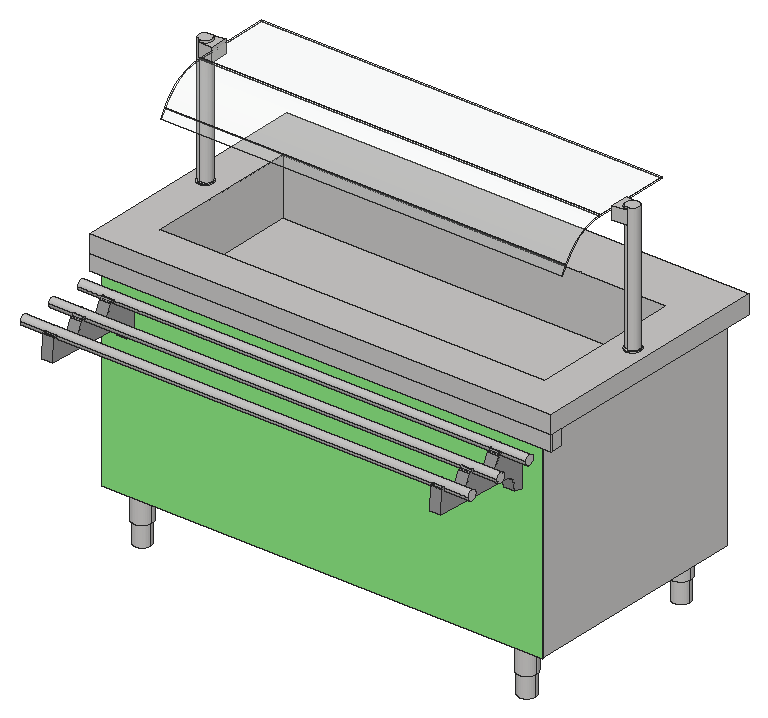
Revit family "QF_BOURGEAT_Self_Bain_marie_eau_4GN", category Equipement spécialisé, Revit 2015
Parameters (values of type "4GN_reserve+presentoir_chauffant")
  URL catalogue = "http://www.bourgeat.fr/fr/"
  URL = ""
  Type de Raccord Plomberie = ""
  Type de Raccord Electrique = ""
  Type article = ""
  Tension = 230 V
  Spécification du Fabricant = "Bain-marie Oasis"
  Roues = no
  Remarques Electricité = ""
  Puissance électrique  = 4340 W
  Profondeur hors tout = 820 mm
  Poids net à vide = 190.00 kg
  Pieds = yes
  lgmeuble = Longueur hors tout - 68 mm  # 1466 mm
  lgconsole = Longueur hors tout - 44 mm  # 1490 mm
  lg_presentoir = lgmeuble - 44 mm  # 1422 mm
  lg_porte = (lg_etagere / 2) + 10 mm  # 541 mm
  lg_etagere = lgmeuble - 404 mm  # 1062 mm
  Reserves = yes
  Presentoir = yes
  Phase = 2
  Nature isolant = "Laine de verre"
  Modèle = "851234+851304"
  Longueur hors tout = 1534 mm
  Intensité nominale = 18.8696 A
  Indice de protection = "21"
  Hauteur hors tout = 1330 mm
  Hauteur de Raccordement Eau Adoucie du Sol Finis = 0 mm
  Fréquence = 50 Hz
  Fabricant = "BOURGEAT"
  Etageres = no
  Diamètre de Raccordement Evacuation = 33.2 mm
  Diamètre de Raccordement Eau Adoucie = 21 mm
  Cuve à eau = yes
  Cuve à air = no
  Contact SAV = "0033 (0)4.76.32.14.44"
  Charge max = 200.00 kg
  Certification = "NF alimentaire"
Types (18, lengths in mm): name | Roues | Puissance électrique  | Poids net à vide | Pieds | Reserves | Presentoir | Modèle | Intensité nominale | Hauteur hors tout | Etageres
  4GN_baie_libre | no | 2800 W | 170.00 kg | yes | no | no | "851034" | 12.1739 A | 900 | no
  4GN_reserve | no | 3700 W | 170.00 kg | yes | yes | no | "851234" | 16.087 A | 900 | no
  4GN_baie_libre+roues | yes | 2800 W | 170.00 kg | no | no | no | "851034+854950" | 12.1739 A | 900 | no
  4GN_baie_libre+etageres | yes | 2800 W | 170.00 kg | no | no | no | "851034+854934" | 12.1739 A | 900 | yes
  4GN_baie_libre+presentoir_neutre | no | 2800 W | 190.00 kg | yes | no | yes | "851034+851314" | 12.1739 A | 1330 | no
  4GN_baie_libre+presentoir_chauffant | no | 3440 W | 190.00 kg | yes | no | yes | "851034+851304" | 14.9565 A | 1330 | no
  4GN_baie_libre+roues+etageres | yes | 2800 W | 170.00 kg | no | no | no | "851034+854950+854934" | 12.1739 A | 900 | yes
  4GN_baie_libre+roues+presentoir_neutre | yes | 2800 W | 190.00 kg | no | no | yes | "851034+854950+851314" | 12.1739 A | 1330 | no
  4GN_baie_libre+roues+presentoir_chauffant | yes | 3440 W | 190.00 kg | no | no | yes | "851034+854950+851304" | 14.9565 A | 1330 | no
  4GN_baie_libre+etageres+presentoir_neutre | no | 2800 W | 170.00 kg | yes | no | yes | "851034+854934+851314" | 12.1739 A | 1330 | yes
  4GN_baie_libre+etageres+presentoir_chauffant | no | 3440 W | 170.00 kg | yes | no | yes | "851034+854934+851304" | 14.9565 A | 1330 | yes
  4GN_baie_libre+roues+presentoir_neutre+etageres | yes | 2800 W | 190.00 kg | no | no | yes | "851034+854950+851314+854934" | 12.1739 A | 1330 | yes
  4GN_baie_libre+roues+presentoir_chauffant+etageres | yes | 3440 W | 190.00 kg | no | no | yes | "851034+854950+851304+854934" | 14.9565 A | 1330 | yes
  4GN_reserve+roues | yes | 3700 W | 170.00 kg | no | yes | no | "851234+854950" | 16.087 A | 900 | no
  4GN_reserve+presentoir_neutre | no | 3700 W | 190.00 kg | yes | yes | yes | "851234+851314" | 16.087 A | 1330 | no
  4GN_reserve+presentoir_chauffant | no | 4340 W | 190.00 kg | yes | yes | yes | "851234+851304" | 18.8696 A | 1330 | no
  4GN_reserve+roues+presentoir_neutre | yes | 3700 W | 190.00 kg | no | yes | yes | "851234+854950+851314" | 16.087 A | 1330 | no
  4GN_reserve+roues+presentoir_chauffant | yes | 4340 W | 190.00 kg | no | yes | yes | "851234+854950+851304" | 18.8696 A | 1330 | no
Reference planes
  plane 1 "Centre (avant/arrière)": y = 0
  plane 2: z = 0
  plane 3 "Centre (gauche/droite)": x = 0
  plane 4: z = 235
  plane 5: z = 465
  plane 6: y = 820
  plane 7: z = 284
  plane 8: z = 640
  plane 9: y = 598
  plane 10: z = 765
  plane 11: x = -124
  plane 12: y = 187
Forms (mm)
  Extrusion 1, solid
    sketch origin (0, 0, 0) x (1, 0, 0) y (0, 1, 0)
      loop
        circle (-1407, 598) r 10
    from 147.743 to 160
  Extrusion 2, solid
    sketch origin (0, 0, 0) x (1, 0, 0) y (0, 1, 0)
      loop
        circle (-1407, 187) r 10
    from 147.743 to 160
  Extrusion 3, solid
    sketch origin (0, 0, 0) x (1, 0, 0) y (0, 1, 0)
      loop
        circle (-1407, 398) r 10
    from 142 to 160
Dimensions and locks
  locked: nested 2 to plane 2 at 905
  locked: plane 4 to plane 2 at 235
  locked: plane 6 to nested 1 at 47
  locked: plane 7 to plane 2 at 284
  nested 1 to plane 2 = 160 mm
  locked: plane 8 to plane 2 at 640
  locked: nested 1 to plane 9 at 175
  locked: nested 11 to plane 10 at 135
  locked: nested 1 to plane 11 at 90
  locked: nested 1 to plane 12 at 179
  locked: plane 11 to plane 3 "Centre (gauche/droite)" at 124
  nested 1 to Extrusion 3 sketch curve = 375 mm
  aligned and locked: level to plane 2
  aligned and locked: plane 4 to nested 8
  aligned and locked: nested 9 to plane 5
  aligned and locked: nested 7 to nested 8
  aligned and locked: nested 9 to nested 1  (x2)
  aligned and locked: nested 7 to nested 1
  aligned and locked: nested 8 to nested 1  (x2)
  aligned and locked: nested 11 to plane 6
  aligned and locked: nested 10 to plane 6
  aligned and locked: nested 10 to nested 1  (x2)
  aligned and locked: nested 11 to nested 10
  aligned and locked: plane 1 "Centre (avant/arrière)" to nested 11  (x2)
  aligned and locked: nested 1 to nested 2
  aligned and locked: nested 2 to nested 11
  aligned and locked: nested 11 to nested 1
  aligned and locked: nested 4 to nested 11
  aligned and locked: nested 12 to nested 1
  aligned and locked: nested 12 to nested 9
  aligned and locked: nested 12 to nested 13
  aligned and locked: plane 2 to nested 4
  aligned and locked: nested 5 to plane 2
  aligned and locked: nested 6 to plane 2
  aligned and locked: nested 11 to nested 5
  aligned and locked: nested 11 to nested 6
  aligned and locked: nested 11 to nested 2
  aligned and locked: nested 1 to nested 14  (x2)
  aligned and locked: nested 14 to nested 1
  aligned and locked: nested 11 to nested 15
  aligned and locked: nested 3 to nested 11
  aligned and locked: nested 16 to nested 14  (x2)
  aligned and locked: nested 1 to nested 16
  aligned and locked: nested 15 to plane 7
  aligned and locked: nested 3 to nested 17  (x2)
  aligned and locked: nested 4 to nested 18  (x2)
  aligned and locked: nested 6 to nested 19  (x2)
  aligned and locked: nested 5 to nested 20  (x2)
  aligned and locked: plane 8 to nested 7
  aligned and locked: Extrusion 1 sketch curve to plane 9
  aligned and locked: Extrusion 1 to nested 1
  aligned and locked: nested 1 to nested 21
  aligned and locked: nested 1 to nested 22
  aligned and locked: plane 10 to nested 21
  aligned and locked: nested 13 to nested 1
  aligned and locked: nested 22 to plane 10
  aligned and locked: nested 22 to plane 11
  aligned and locked: plane 12 to Extrusion 2 sketch curve
  aligned and locked: plane 3 "Centre (gauche/droite)" to nested 11
  aligned and locked: nested 21 to nested 7
  aligned and locked: nested 11 to Extrusion 1 sketch curve
  aligned and locked: nested 11 to Extrusion 3 sketch curve
  aligned and locked: Extrusion 3 to nested 17
  aligned and locked: nested 11 to Extrusion 2 sketch curve
Nested families
  nested 1: "corps_meuble" at (-34, 8, 160), type "corps_meuble"
    with lg_meuble 1466 mm
  nested 2: "presentoir" at (-767, 410, 551.997) x (0, 1, 0) z (0, 0, 1), visible <- "Presentoir", type "presentoir"
    with lg_presentoir 1422 mm
  nested 3: "pied" at (-1407, 720, 0), visible <- "Pieds", type "pied"
  nested 4: "pied" at (-1407, 58.814, 0), visible <- "Pieds", type "pied"
  nested 5: "pied" at (-127, 700, 0), visible <- "Pieds", type "pied"
  nested 6: "pied" at (-127, 58.814, 0), visible <- "Pieds", type "pied"
  nested 7: "barre_et_console" at (-767, 8, 465) x (-1, 0, 0) z (0, 0, 1), type "barre_et_console"
    with lg_barre_console 1490 mm
  nested 8: "etagere" at (-767, 88, 197) x (-1, 0, 0) z (0, 0, 1), visible <- "Etageres", type "etagere"
    with lg_etagere 1062 mm
  nested 9: "etagere" at (-767, 88, 427) x (-1, 0, 0) z (0, 0, 1), visible <- "Etageres", type "etagere"
    with lg_etagere 1062 mm
  nested 10: "cuve" at (-767, 410, 708), visible <- "Cuve à air", type "cuve_air"
    with lg_cuve 1534 mm, lg_bloc_ventillation 1280 mm
  nested 11: "cuve" at (-767, 410, 708), visible <- "Cuve à eau", type "cuve_eau"
    with lg_cuve 1534 mm, lg_bloc_ventillation 1280 mm
  nested 12: "porte" at (-757, 735, 160), visible <- "Reserves", type "porte"
    with lg_porte 541 mm
  nested 13: "porte" at (-236, 757, 160), visible <- "Reserves", type "porte"
    with lg_porte 541 mm
  nested 14: "bandeau" at (-767, 773, 657), type "bandeau"
    with lg_bandeau 1062 mm
  nested 15: "IHM" at (-2987.78, 529.137, -323.91) x (-1, 0, 0) z (0, 0, 1), type "IHM"
  nested 16: "rail_porte" at (-767, 763, 567), visible <- "Reserves", type "rail_porte"
    with lg_rail 1062 mm
  nested 17: "roue_ht160" at (-1407, 720, 0), visible <- "Roues", type "roue_ht160"
    with Sans frein yes, Avec frein yes
  nested 18: "roue_ht160" at (-1407, 58.814, 0), visible <- "Roues", type "roue_ht160"
    with Sans frein yes, Avec frein no
  nested 19: "roue_ht160" at (-127, 58.814, 0), visible <- "Roues", type "roue_ht160"
    with Sans frein yes, Avec frein no
  nested 20: "roue_ht160" at (-127, 700, 0), visible <- "Roues", type "roue_ht160"
    with Sans frein yes, Avec frein yes
  nested 21: "Prise" at (-1351, 798, 722), type "Prise"
  nested 22: "Prise" at (-167, 798, 722), type "Prise"
Connectors
  electrical at (-1407, 598, 147.743)
    settings: on Extrusion 1, index 1, voltage 0 V, apparent load 0 VA, apparent load phase1 0 VA, apparent load phase2 0 VA, apparent load phase3 0 VA, power factor 1, load classification "Autre", number of poles 1, system type 30, power factor state 1, is connector primary yes, connector utility no, sub classification motor no, connector description ""
  piping at (-1407, 187, 147.743), diameter 21
    settings: on Extrusion 2, index 2, connector inside diameter 609.6 mm, connector length 0 mm, flow factor 0, pipe flow 0.0 L/s, pressure drop 0.0 Pa, fitting loss kfactor 0, connector angle 0.00°, fixture units 0, engagement length 0 mm, angle of deflection 0.00°, flow configuration 0, flow direction 1, fitting loss method 0, system type 20, joint type 0, gender type 0, connector reference index -1, connector utility 0, adjustable connector no, is connector primary yes, connector description ""
  piping at (-1407, 398, 142), diameter 33.2, driven by "Diamètre de Raccordement Evacuation"
    settings: on Extrusion 3, index 3, connector inside diameter 609.6 mm, connector length 0 mm, flow factor 0, pipe flow 0.0 L/s, pressure drop 0.0 Pa, fitting loss kfactor 0, connector angle 0.00°, fixture units 0, engagement length 0 mm, angle of deflection 0.00°, flow configuration 0, flow direction 0, fitting loss method 0, system type 7, joint type 0, gender type 0, connector reference index -1, connector utility 0, adjustable connector no, is connector primary no, connector description ""
Definition of nested family "corps_meuble"
  Parameters (values of type "corps_meuble")
    lg_meuble = 1141 mm
  Reference planes
    plane 1 "Centre (avant/arrière)": y = 0
    plane 2: z = 0
    plane 3 "Centre (gauche/droite)": x = 0
    plane 4: x = -480.227
    plane 5: z = 680
    plane 6: x = -570.5
    plane 7: x = -379.227
    plane 8: x = -1141
    plane 9: x = -1091
    plane 10: x = -202
    plane 11: x = -50
    plane 12: x = -939
    plane 13: y = -1
  Forms (mm)
    Extrusion 1, solid
      sketch origin (-379.227, -50.814, 0) x (1, 0, 0) y (0, 1, 0)
        loop
          line (-761.773, 815.814) -> (-761.773, 50.814) -> (379.227, 50.814) -> (379.227, 815.814) -> (177.227, 815.814) -> (177.227, 130.814) -> (-559.773, 130.814) -> (-559.773, 815.814) -> (-761.773, 815.814)
      from 0 to 680
    Extrusion 2, void
      sketch origin (-379.227, 0, 0) x (1, 0, 0) y (0, 1, 0)
        loop
          line (-711.773, 699.99) -> (-711.773, 119.99) -> (329.227, 119.99) -> (329.227, 699.99) -> (-711.773, 699.99)
      from 541.178 to 680
    Extrusion 3, solid
      sketch origin (0, 0, 0) x (1, 0, 0) y (0, 0, 1)
        loop
          line (-1141, 680) -> (-1141, 0) -> (0, 0) -> (0, 680) -> (-1141, 680)
      from 0 to 1
  Cuts and joins
    Extrusion 2 cuts Extrusion 1
  Dimensions and locks
    locked: plane 5 to plane 2 at 680
    locked: plane 8 to plane 9 at 50
    locked: plane 10 to plane 3 "Centre (gauche/droite)" at 202
    locked: plane 11 to plane 3 "Centre (gauche/droite)" at 50
    equal spacing: plane 8, plane 6, plane 3 "Centre (gauche/droite)"
    "lg_meuble": plane 8 to plane 3 "Centre (gauche/droite)"
    locked: plane 8 to plane 12 at 202
    aligned and locked: level to plane 2
    aligned and locked: plane 5 to Extrusion 1
    aligned and locked: cut or joined group of Extrusion 1, Extrusion 2 to plane 8
    aligned and locked: Extrusion 2 to plane 9
    aligned and locked: Extrusion 1 to plane 10
    aligned and locked: plane 11 to cut or joined group of Extrusion 1, Extrusion 2
    aligned and locked: plane 12 to cut or joined group of Extrusion 1, Extrusion 2
    aligned and locked: Extrusion 3 sketch curve to cut or joined group of Extrusion 1, Extrusion 2  (x4)
    aligned and locked: Extrusion 3 to plane 13
  Automatic sketch dimensions
    Extrusion 1 sketch curve to plane 8 = 0 mm
    Extrusion 1 sketch curve to plane 10 = 0 mm
    plane 1 "Centre (avant/arrière)" to Extrusion 1 sketch curve = 0 mm
    Extrusion 1 sketch curve to plane 3 "Centre (gauche/droite)" = 0 mm
    Extrusion 1 sketch curve to plane 1 "Centre (avant/arrière)" = 80 mm
    Extrusion 1 sketch curve to plane 6 = 368.5 mm
    Extrusion 1 sketch curve to Extrusion 1 sketch curve = 685 mm
    Extrusion 1 sketch curve to Extrusion 1 sketch curve = 765 mm
    Extrusion 2 sketch curve to plane 9 = 0 mm
    Extrusion 2 sketch curve to plane 11 = 0 mm
    Extrusion 2 sketch curve to plane 1 "Centre (avant/arrière)" = 119.99 mm
    Extrusion 2 sketch curve to Extrusion 2 sketch curve = 580 mm
Definition of nested family "presentoir"
  Parameters (values of type "presentoir")
    lg_presentoir = 2072 mm
  Reference planes
    plane 1 "Centre (avant/arrière)": y = 0
    plane 2: z = 0
    plane 3 "Centre (gauche/droite)": x = 0
    plane 4: x = 0
    plane 5: y = 0
    plane 6: z = 348.003
    plane 7: z = 775.003
    plane 8: z = 353.003
    plane 9: z = 770.54
    plane 10: z = 727.003
    plane 11: y = 1036
    plane 12: y = -1036
    plane 13: y = 1036
    plane 14: y = -1036
  Forms (mm)
    Extrusion 1, solid
      sketch origin (0, 0, 0) x (1, 0, 0) y (0, 0, 1)
        loop
          line (-240.07, 650.474) -> (-234.874, 647.474) -> (-219.875, 673.453)
          arc (-219.875, 673.453) -> (-158.748, 734.58) -> (-75.248, 756.953) r 167
          line (-75.248, 756.953) -> (179.75, 756.953) -> (179.75, 762.953) -> (-75.248, 762.953)
          arc (-75.248, 762.953) -> (-161.33, 740.45) -> (-224.372, 677.664) r 170.59
          line (-224.372, 677.664) -> (-240.07, 650.474)
      from -991 to 991
    Extrusion 2, solid
      sketch origin (0, 0, 0) x (1, 0, 0) y (0, 1, 0)
        loop
          line (-25, 1036) -> (-30.461, 991) -> (30.461, 991) -> (25, 1036)
          arc (25, 1036) -> (0, 1011) -> (-25, 1036) r 25
        loop
          arc (-25, -1036) -> (0, -1011) -> (25, -1036) r 25
          line (25, -1036) -> (30.461, -991) -> (-30.461, -991) -> (-25, -1036)
      from 727.003 to 770.54
    Extrusion 3, solid
      sketch origin (0, 91, 0) x (1, 0, 0) y (0, 1, 0)
        loop
          circle (0, 945) r 21.2
        loop
          circle (0, -1127) r 21.2
      from 353.003 to 775.003
    Revolve 4, solid
      sketch origin (0, 0, 0) x (0, 1, 0) y (0, 0, 1)
        loop
          line (-1036, 353.003) -> (-1057.2, 353.003) -> (-1061, 349.203) -> (-1061, 348.003) -> (-1036, 348.003) -> (-1036, 353.003)
        axis (-1036, 353.003) -> (-1036, 348.003)
      angle from 0 to 360
    Revolve 5, solid
      sketch origin (0, 0, 0) x (0, -1, 0) y (0, 0, 1)
        loop
          line (-1036, 353.003) -> (-1057.2, 353.003) -> (-1061, 349.203) -> (-1061, 348.003) -> (-1036, 348.003) -> (-1036, 353.003)
        axis (-1036, 353.003) -> (-1036, 348.003)
      angle from 0 to 360
  Dimensions and locks
    equal spacing: plane 11, plane 1 "Centre (avant/arrière)", plane 12
    "lg_presentoir": plane 11 to plane 12
    locked: Extrusion 2 sketch curve to plane 14 at 45
    locked: plane 13 to Extrusion 2 sketch curve at 45
    aligned and locked: level to plane 2
    aligned and locked: plane 3 "Centre (gauche/droite)" to plane 4
    aligned and locked: Extrusion 3 to plane 7
    aligned and locked: Extrusion 3 to plane 8
    aligned and locked: Extrusion 2 to plane 9
    aligned and locked: Extrusion 2 to plane 10
    aligned and locked: plane 1 "Centre (avant/arrière)" to plane 5
    aligned and locked: plane 11 to Extrusion 3
    aligned and locked: plane 12 to Extrusion 3
    aligned and locked: plane 13 to plane 11
    aligned and locked: plane 14 to plane 12
    aligned and locked: Extrusion 1 to Extrusion 2  (x2)
  Automatic sketch dimensions
    Extrusion 1 sketch curve to plane 3 "Centre (gauche/droite)" = 240.07 mm
    plane 10 to Extrusion 1 sketch curve = 79.529 mm
    Extrusion 1 sketch curve to Extrusion 1 sketch curve = 5.196 mm
    plane 10 to Extrusion 1 sketch curve = 49.34 mm
    Extrusion 1 sketch curve to Extrusion 1 sketch curve = 15.698 mm
    plane 10 to Extrusion 1 sketch curve = 53.55 mm
    Extrusion 1 sketch curve to plane 3 "Centre (gauche/droite)" = 76.636 mm
    Extrusion 1 sketch curve to Extrusion 1 sketch curve = 1.388 mm
    Extrusion 1 sketch curve to Extrusion 1 sketch curve = 0 mm
    plane 9 to Extrusion 1 sketch curve = 13.587 mm
    plane 3 "Centre (gauche/droite)" to Extrusion 1 sketch curve = 179.75 mm
    Extrusion 1 sketch curve to Extrusion 1 sketch curve = 2.415 mm
    Extrusion 2 sketch curve to plane 14 = 0 mm
    plane 11 to Extrusion 2 sketch curve = 0 mm
    Extrusion 2 sketch curve to plane 3 "Centre (gauche/droite)" = 0 mm  (x2)
    Extrusion 2 sketch curve to Extrusion 2 sketch curve = 25 mm  (x2)
    Extrusion 2 sketch curve to plane 3 "Centre (gauche/droite)" = 30.461 mm  (x2)
    plane 3 "Centre (gauche/droite)" to Extrusion 2 sketch curve = 30.461 mm  (x2)
    Extrusion 3 sketch curve to plane 3 "Centre (gauche/droite)" = 0 mm  (x2)
    Extrusion 3 sketch curve to plane 12 = 0 mm
    plane 11 to Extrusion 3 sketch curve = 0 mm
    Revolve 4 sketch curve to plane 6 = 0 mm
    Revolve 4 sketch curve to plane 8 = 0 mm
    Revolve 4 sketch curve to plane 12 = 0 mm  (x2)
    Revolve 4 sketch curve to Revolve 4 sketch curve = 21.2 mm
    Revolve 4 sketch curve to Revolve 4 sketch curve = 3.8 mm
    Revolve 4 sketch curve to Revolve 4 sketch curve = 1.2 mm
    Revolve 4 sketch curve to plane 6 = 14.256 mm
    plane 8 to Revolve 4 sketch curve = 30.744 mm
    Revolve 5 sketch curve to plane 6 = 0 mm
    plane 8 to Revolve 5 sketch curve = 0 mm
    Revolve 5 sketch curve to plane 11 = 0 mm  (x2)
    Revolve 5 sketch curve to plane 11 = 21.2 mm
    Revolve 5 sketch curve to Revolve 5 sketch curve = 3.8 mm
    Revolve 5 sketch curve to Revolve 5 sketch curve = 1.2 mm
    plane 6 to Revolve 5 sketch curve = 14.256 mm
    Revolve 5 sketch curve to Revolve 5 sketch curve = 30.744 mm
    radius of Extrusion 3 sketch curve = 21.2 mm  (x2)
Definition of nested family "pied"
  Reference planes
    plane 1 "Centre (avant/arrière)": y = 0
    plane 2: z = 0
    plane 3 "Centre (gauche/droite)": x = 0
  Forms (mm)
    Revolve 1, solid
      sketch origin (0, 0, 0) x (1, 0, 0) y (0, 0, 1)
        loop
          line (0, 160) -> (-33, 160) -> (-33, 70) -> (-28, 70) -> (-28, 0) -> (0, 0) -> (0, 160)
        axis (0, 160) -> (0, 0)
      angle from 0 to 360
  Dimensions and locks
    plane 3 "Centre (gauche/droite)" to Revolve 1 sketch curve = 28 mm
    Revolve 1 sketch curve to plane 3 "Centre (gauche/droite)" = 33 mm
    Revolve 1 sketch curve to plane 2 = 70 mm
    Revolve 1 sketch curve to Revolve 1 sketch curve = 90 mm
    aligned and locked: level to plane 2
Definition of nested family "barre_et_console"
  Parameters (values of type "barre_et_console")
    lg_barre_console = 1165 mm
  Reference planes
    plane 1 "Centre (avant/arrière)": y = 0
    plane 2: z = 0
    plane 3 "Centre (gauche/droite)": x = 0
    plane 4: x = -582.5
    plane 5: x = 582.5
    plane 6: x = -482.5
    plane 7: x = 482.5
    plane 8: z = 320.378
    plane 9: z = 175
  Dimensions and locks
    locked: plane 4 to plane 6 at 100
    locked: plane 7 to plane 5 at 100
    equal spacing: plane 4, plane 3 "Centre (gauche/droite)", plane 5
    "lg_barre_console": plane 4 to plane 5
    aligned and locked: level to plane 2
    aligned and locked: nested 1 to plane 1 "Centre (avant/arrière)"
    aligned and locked: plane 6 to nested 1
    aligned and locked: plane 7 to nested 2
    aligned and locked: plane 5 to nested 3
    aligned and locked: nested 3 to plane 4
    aligned and locked: plane 8 to nested 3
    aligned and locked: plane 9 to nested 1
  Nested families
    nested 1: "console" at (-482.5, 0, 0) x (0, 1, 0) z (0, 0, 1), type "console"
    nested 2: "console" at (482.5, 0, 0) x (0, 1, 0) z (0, 0, 1), type "console"
    nested 3: "barre" at (582.5, 0, 19.415) x (0, 1, 0) z (0, 0, 1), type "barre"
  Definition of nested family "console"
    Reference planes
      plane 1 "Centre (avant/arrière)": y = 0
      plane 2: z = 0
      plane 3 "Centre (gauche/droite)": x = 0
      plane 4: y = 18
      plane 5: y = -18
      plane 6: y = 0
    Forms (mm)
      Extrusion 1, solid
        sketch origin (-12.245, 0, 175) x (1, 0, 0) y (0, 0, 1)
          loop
            line (12.245, 100) -> (12.245, 0) -> (39.579, 4.82) -> (50.894, 44.279)
            arc (50.894, 44.279) -> (55.986, 52.254) -> (64.592, 56.187) r 16.714
            line (64.592, 56.187) -> (348.499, 69.146) -> (343.309, 143.358)
            arc (343.309, 143.358) -> (342.973, 144.595) -> (342.189, 145.609) r 3.292
            line (342.189, 145.609) -> (337.923, 148.439)
            arc (337.923, 148.439) -> (337.371, 148.545) -> (336.906, 148.229) r 0.731
            arc (336.906, 148.229) -> (320.176, 130.386) -> (309.012, 152.149) r 14.958
            arc (309.012, 152.149) -> (308.597, 152.587) -> (308.001, 152.491) r 0.646
            line (308.001, 152.491) -> (297.265, 144.401) -> (278.874, 108.385)
            arc (278.874, 108.385) -> (262.102, 99.164) -> (245.329, 108.385) r 19.864
            line (245.329, 108.385) -> (229.634, 139.188) -> (217.945, 148.321)
            arc (217.945, 148.321) -> (217.306, 148.53) -> (216.976, 147.944) r 0.53
            arc (216.976, 147.944) -> (200.124, 130.629) -> (188.973, 152.064) r 14.905
            arc (188.973, 152.064) -> (188.691, 152.524) -> (188.154, 152.476) r 0.511
            line (188.154, 152.476) -> (177.098, 144.144) -> (158.855, 108.341)
            arc (158.855, 108.341) -> (142.039, 98.901) -> (125.223, 108.341) r 19.698
            line (125.223, 108.341) -> (109.334, 139.526) -> (97.932, 148.434)
            arc (97.932, 148.434) -> (97.187, 148.438) -> (96.994, 147.718) r 0.61
            arc (96.994, 147.718) -> (79.923, 130.663) -> (69.024, 152.192) r 14.902
            arc (69.024, 152.192) -> (68.66, 152.548) -> (68.158, 152.464) r 0.563
            line (68.158, 152.464) -> (57.103, 144.336) -> (39.164, 108.745)
            arc (39.164, 108.745) -> (33.443, 102.448) -> (25.295, 100) r 15.908
            line (25.295, 100) -> (12.245, 100)
        from -18 to 18
    Dimensions and locks
      plane 4 to plane 5 = 36 mm
      equal spacing: plane 4, plane 6, plane 5, locked at 18 each
      aligned and locked: level to plane 2
      aligned and locked: plane 4 to Extrusion 1
      aligned and locked: Extrusion 1 to plane 5
      aligned and locked: plane 6 to plane 1 "Centre (avant/arrière)"
      aligned and locked: Extrusion 1 to plane 3 "Centre (gauche/droite)"
    Automatic sketch dimensions
      Extrusion 1 sketch curve to Extrusion 1 sketch curve = 12.714 mm
      Extrusion 1 sketch curve to Extrusion 1 sketch curve = 13.05 mm
      Extrusion 1 sketch curve to Extrusion 1 sketch curve = 14.206 mm
      Extrusion 1 sketch curve to Extrusion 1 sketch curve = 27.334 mm
      Extrusion 1 sketch curve to Extrusion 1 sketch curve = 11.315 mm
      Extrusion 1 sketch curve to Extrusion 1 sketch curve = 17.938 mm
      Extrusion 1 sketch curve to Extrusion 1 sketch curve = 13.698 mm
      Extrusion 1 sketch curve to Extrusion 1 sketch curve = 16.057 mm
      Extrusion 1 sketch curve to Extrusion 1 sketch curve = 11.055 mm
      Extrusion 1 sketch curve to Extrusion 1 sketch curve = 0.333 mm
      Extrusion 1 sketch curve to Extrusion 1 sketch curve = 13.785 mm
      Extrusion 1 sketch curve to Extrusion 1 sketch curve = 15.28 mm
      Extrusion 1 sketch curve to Extrusion 1 sketch curve = 0.376 mm
      Extrusion 1 sketch curve to Extrusion 1 sketch curve = 11.401 mm
      Extrusion 1 sketch curve to Extrusion 1 sketch curve = 15.89 mm
      Extrusion 1 sketch curve to Extrusion 1 sketch curve = 16.816 mm  (x2)
      Extrusion 1 sketch curve to Extrusion 1 sketch curve = 18.243 mm
      Extrusion 1 sketch curve to Extrusion 1 sketch curve = 11.057 mm
      Extrusion 1 sketch curve to Extrusion 1 sketch curve = 0.308 mm
      Extrusion 1 sketch curve to Extrusion 1 sketch curve = 13.831 mm
      Extrusion 1 sketch curve to Extrusion 1 sketch curve = 15.204 mm
      Extrusion 1 sketch curve to Extrusion 1 sketch curve = 0.447 mm
      Extrusion 1 sketch curve to Extrusion 1 sketch curve = 11.69 mm
      Extrusion 1 sketch curve to Extrusion 1 sketch curve = 15.695 mm
      Extrusion 1 sketch curve to Extrusion 1 sketch curve = 16.772 mm  (x2)
      Extrusion 1 sketch curve to Extrusion 1 sketch curve = 18.391 mm
      Extrusion 1 sketch curve to Extrusion 1 sketch curve = 10.737 mm
      Extrusion 1 sketch curve to Extrusion 1 sketch curve = 0.389 mm
      Extrusion 1 sketch curve to Extrusion 1 sketch curve = 13.868 mm
      Extrusion 1 sketch curve to Extrusion 1 sketch curve = 15.261 mm
      Extrusion 1 sketch curve to Extrusion 1 sketch curve = 0.404 mm
      Extrusion 1 sketch curve to Extrusion 1 sketch curve = 2.506 mm
      Extrusion 1 sketch curve to Extrusion 1 sketch curve = 2.164 mm
      Extrusion 1 sketch curve to Extrusion 1 sketch curve = 1.12 mm
      Extrusion 1 sketch curve to Extrusion 1 sketch curve = 5.189 mm
      Extrusion 1 sketch curve to Extrusion 1 sketch curve = 4.639 mm
      Extrusion 1 sketch curve to Extrusion 1 sketch curve = 55.721 mm
      Extrusion 1 sketch curve to Extrusion 1 sketch curve = 8.745 mm
      Extrusion 1 sketch curve to Extrusion 1 sketch curve = 10.259 mm
      Extrusion 1 sketch curve to Extrusion 1 sketch curve = 10.642 mm
      Extrusion 1 sketch curve to Extrusion 1 sketch curve = 9.133 mm
      Extrusion 1 sketch curve to Extrusion 1 sketch curve = 31.185 mm
      Extrusion 1 sketch curve to Extrusion 1 sketch curve = 35.803 mm
      Extrusion 1 sketch curve to Extrusion 1 sketch curve = 35.592 mm
      Extrusion 1 sketch curve to Extrusion 1 sketch curve = 3.24 mm
      Extrusion 1 sketch curve to Extrusion 1 sketch curve = 2.946 mm
      Extrusion 1 sketch curve to Extrusion 1 sketch curve = 1.042 mm
      Extrusion 1 sketch curve to Extrusion 1 sketch curve = 0.609 mm
      Extrusion 1 sketch curve to Extrusion 1 sketch curve = 8.427 mm
      Extrusion 1 sketch curve to Extrusion 1 sketch curve = 0.286 mm
      Extrusion 1 sketch curve to Extrusion 1 sketch curve = 0.481 mm
      Extrusion 1 sketch curve to Extrusion 1 sketch curve = 0.516 mm
      Extrusion 1 sketch curve to Extrusion 1 sketch curve = 7.674 mm
      Extrusion 1 sketch curve to Extrusion 1 sketch curve = 7.924 mm
      Extrusion 1 sketch curve to Extrusion 1 sketch curve = 0.453 mm
      Extrusion 1 sketch curve to Extrusion 1 sketch curve = 0.408 mm
      Extrusion 1 sketch curve to Extrusion 1 sketch curve = 0.533 mm
      Extrusion 1 sketch curve to Extrusion 1 sketch curve = 0.511 mm
      Extrusion 1 sketch curve to Extrusion 1 sketch curve = 0.622 mm
      Extrusion 1 sketch curve to Extrusion 1 sketch curve = 4.82 mm
      Extrusion 1 sketch curve to Extrusion 1 sketch curve = 34.82 mm
      Extrusion 1 sketch curve to Extrusion 1 sketch curve = 76.232 mm
      Extrusion 1 sketch curve to Extrusion 1 sketch curve = 37.038 mm
      Extrusion 1 sketch curve to Extrusion 1 sketch curve = 39.239 mm
      Extrusion 1 sketch curve to Extrusion 1 sketch curve = 30.803 mm
      Extrusion 1 sketch curve to Extrusion 1 sketch curve = 34.743 mm
      Extrusion 1 sketch curve to Extrusion 1 sketch curve = 0.23 mm
      Extrusion 1 sketch curve to Extrusion 1 sketch curve = 36.015 mm
      Extrusion 1 sketch curve to Extrusion 1 sketch curve = 2.071 mm
      Extrusion 1 sketch curve to Extrusion 1 sketch curve = 7.575 mm
      Extrusion 1 sketch curve to plane 3 "Centre (gauche/droite)" = 0 mm
      level to Extrusion 1 sketch curve = 175 mm
  Definition of nested family "barre"
    Parameters (values of type "barre")
      lg_barre = 1165 mm
    Reference planes
      plane 1 "Centre (avant/arrière)": y = 0
      plane 2: z = 0
      plane 3 "Centre (gauche/droite)": x = 0
      plane 4: x = 70
      plane 5: x = 190
      plane 6: x = 309
      plane 7: z = 300.963
      plane 8: z = 94.658
      plane 9: y = 0
      plane 10: y = 1165
    Forms (mm)
      Extrusion 1, solid
        sketch origin (0, 0, 0) x (1, 0, 0) y (0, 0, 1)
          loop
            circle (70, 300.963) r 15
          loop
            circle (190, 300.963) r 15
          loop
            circle (309, 300.963) r 15
        from 0 to -1165
    Dimensions and locks
      plane 4 to plane 3 "Centre (gauche/droite)" = 70 mm
      plane 6 to plane 5 to plane 4 = 119 mm, 120 mm
      "lg_barre": plane 10 to plane 1 "Centre (avant/arrière)"
      aligned and locked: level to plane 2
      aligned and locked: Extrusion 1 to plane 9
      aligned and locked: plane 9 to plane 1 "Centre (avant/arrière)"
      aligned and locked: plane 10 to Extrusion 1
    Automatic sketch dimensions
      Extrusion 1 sketch curve to plane 4 = 0 mm
      Extrusion 1 sketch curve to plane 5 = 0 mm
      Extrusion 1 sketch curve to plane 6 = 0 mm
      Extrusion 1 sketch curve to plane 7 = 0 mm  (x3)
      radius of Extrusion 1 sketch curve = 15 mm  (x3)
Definition of nested family "etagere"
  Parameters (values of type "etagere")
    lg_etagere = 1712 mm
  Reference planes
    plane 1 "Centre (avant/arrière)": y = 0
    plane 2: z = 0
    plane 3 "Centre (gauche/droite)": x = 0
    plane 4: y = -625
    plane 5: y = -623
    plane 6: y = -2
    plane 7: x = 0
  Forms (mm)
    Extrusion 1, solid
      sketch origin (0, 0, 0) x (0, 1, 0) y (0, 0, 1)
        loop
          line (0, 119.481) -> (-2, 119.481) -> (-2, 40) -> (-625, 40) -> (-625, 0) -> (-623, 0) -> (-623, 38) -> (0, 38) -> (0, 119.481)
      from -856 to 856
  Dimensions and locks
    locked: plane 6 to plane 1 "Centre (avant/arrière)" at 2
    locked: plane 4 to plane 5 at 2
    plane 4 to plane 1 "Centre (avant/arrière)" = 625 mm
    equal spacing: Extrusion 1, plane 7, Extrusion 1
    "lg_etagere": Extrusion 1 to Extrusion 1
    aligned and locked: level to plane 2
    aligned and locked: plane 2 to Extrusion 1 sketch curve
    aligned and locked: plane 1 "Centre (avant/arrière)" to Extrusion 1 sketch curve
    aligned and locked: plane 4 to Extrusion 1
    aligned and locked: plane 5 to Extrusion 1
    aligned and locked: Extrusion 1 to plane 6
    aligned and locked: plane 3 "Centre (gauche/droite)" to plane 7
  Automatic sketch dimensions
    Extrusion 1 sketch curve to plane 4 = 0 mm
    Extrusion 1 sketch curve to plane 5 = 0 mm
    Extrusion 1 sketch curve to plane 6 = 0 mm
    level to Extrusion 1 sketch curve = 38 mm
    Extrusion 1 sketch curve to Extrusion 1 sketch curve = 2 mm
    Extrusion 1 sketch curve to Extrusion 1 sketch curve = 79.481 mm
Definition of nested family "cuve"
  Parameters (values of type "cuve_eau")
    type_cuve = 178 mm
    lg_cuve = 1209 mm
    lg_bloc_ventillation = lg_cuve - 254 mm  # 955 mm
    bloc_ventillation = no
  Types (2, lengths in mm): name | type_cuve | bloc_ventillation
    cuve_air | 132 | yes
    cuve_eau | 178 | no
  Reference planes
    plane 1 "Centre (avant/arrière)": y = 0
    plane 2: z = 0
    plane 3 "Centre (gauche/droite)": x = 0
    plane 4: y = 410
    plane 5: y = -410
    plane 6: x = -604.5
    plane 7: x = 604.5
    plane 8: z = 192
    plane 9: y = 232
    plane 10: y = -278
    plane 11: x = 477.5
    plane 12: x = -477.5
    plane 13: z = 2
    plane 14: y = -280
    plane 15: x = -479.5
    plane 16: y = 234
    plane 17: x = 479.5
    plane 18: z = 132
    plane 19: y = -408
    plane 20: z = 82
  Forms (mm)
    Extrusion 1, solid
      sketch origin (12, -10, 0) x (1, 0, 0) y (0, 1, 0)
        loop
          line (-616.5, 420) -> (-616.5, -400) -> (592.5, -400) -> (592.5, 420) -> (-616.5, 420)
      from 0 to 192
    Extrusion 2, void
      sketch origin (0, 0, 0) x (1, 0, 0) y (0, 1, 0)
        loop
          line (-477.5, 232) -> (-477.5, -278) -> (477.5, -278) -> (477.5, 232) -> (-477.5, 232)
      from 2 to 250
    Extrusion 3, void
      sketch origin (0, 0, 0) x (1, 0, 0) y (0, 1, 0)
        loop
          line (-479.5, 234) -> (-479.5, -280) -> (479.5, -280) -> (479.5, 234) -> (-479.5, 234)
        loop
          line (-674.5, 480) -> (-674.5, -480) -> (674.5, -480) -> (674.5, 480) -> (-674.5, 480)
      from 0 to 132
    Extrusion 4, solid
      sketch origin (0, 0, 0) x (1, 0, 0) y (0, 1, 0)
        loop
          line (-604.5, -408) -> (-604.5, -410) -> (604.5, -410) -> (604.5, -408) -> (-604.5, -408)
      from 82 to 132
    Extrusion 5, solid
      sketch origin (0, 0, 0) x (0, 1, 0) y (0, 0, 1)
        loop
          line (-408, 82) -> (-370, 82) -> (-370, 132) -> (-408, 132) -> (-408, 82)
      from -604.5 to 604.5
  Cuts and joins
    Extrusion 2, Extrusion 3 cuts Extrusion 1
  Dimensions and locks
    equal spacing: plane 4, plane 1 "Centre (avant/arrière)", plane 5, locked at 410 each
    plane 4 to plane 5 = 820 mm
    equal spacing: plane 6, plane 3 "Centre (gauche/droite)", plane 7
    "lg_cuve": plane 6 to plane 7
    locked: plane 8 to plane 2 at 192
    locked: plane 13 to plane 2 at 2
    locked: plane 5 to plane 10 at 132
    "type_cuve": plane 4 to plane 9
    locked: plane 11 to plane 7 at 127
    locked: plane 6 to plane 12 at 127
    locked: plane 16 to plane 9 at 2
    locked: plane 15 to plane 12 at 2
    locked: plane 14 to plane 10 at 2
    locked: plane 11 to plane 17 at 2
    locked: Extrusion 3 sketch curve to plane 6 at 70
    locked: Extrusion 3 sketch curve to plane 5 at 70
    locked: plane 7 to Extrusion 3 sketch curve at 70
    locked: Extrusion 3 sketch curve to plane 4 at 70
    locked: plane 8 to plane 18 at 60
    locked: plane 5 to plane 19 at 2
    aligned and locked: plane 2 to level
    aligned and locked: plane 6 to Extrusion 1 sketch curve
    aligned and locked: Extrusion 1 sketch curve to plane 7
    aligned and locked: plane 8 to Extrusion 1
    aligned and locked: plane 4 to Extrusion 1
    aligned and locked: plane 5 to Extrusion 1
    aligned and locked: Extrusion 2 sketch curve to plane 9
    aligned and locked: Extrusion 2 sketch curve to plane 12
    aligned and locked: Extrusion 2 sketch curve to plane 10
    aligned and locked: Extrusion 2 sketch curve to plane 11
    aligned and locked: cut or joined group of Extrusion 1, Extrusion 2, Extrusion 3 to plane 13
    aligned and locked: Extrusion 3 sketch curve to plane 16
    aligned and locked: Extrusion 3 sketch curve to plane 15
    aligned and locked: Extrusion 3 sketch curve to plane 14
    aligned and locked: Extrusion 3 sketch curve to plane 17
    aligned and locked: cut or joined group of Extrusion 1, Extrusion 2, Extrusion 3 to plane 18
    aligned and locked: Extrusion 4 sketch curve to plane 19
    aligned and locked: plane 6 to Extrusion 4 sketch curve
    aligned and locked: Extrusion 4 sketch curve to cut or joined group of Extrusion 1, Extrusion 2, Extrusion 3  (x2)
    aligned and locked: Extrusion 4 to cut or joined group of Extrusion 1, Extrusion 2, Extrusion 3
    aligned and locked: Extrusion 4 to plane 20
    aligned and locked: plane 18 to Extrusion 5 sketch curve
    aligned and locked: Extrusion 5 sketch curve to plane 20
    aligned and locked: Extrusion 4 to Extrusion 5 sketch curve
    aligned and locked: cut or joined group of Extrusion 1, Extrusion 2, Extrusion 3 to Extrusion 5
    aligned and locked: Extrusion 5 to cut or joined group of Extrusion 1, Extrusion 2, Extrusion 3
    aligned and locked: plane 3 "Centre (gauche/droite)" to nested 1
    aligned and locked: nested 1 to cut or joined group of Extrusion 1, Extrusion 2, Extrusion 3
  Automatic sketch dimensions
    Extrusion 1 sketch curve to plane 5 = 0 mm
    plane 4 to Extrusion 1 sketch curve = 0 mm
    Extrusion 5 sketch curve to plane 5 = 2 mm
    Extrusion 5 sketch curve to Extrusion 5 sketch curve = 38 mm
  Nested families
    nested 1: "bloc_ventillation_cuve_air" at (0, -232, 0), visible <- "bloc_ventillation", type "bloc_ventillation_cuve_air"
  Definition of nested family "bloc_ventillation_cuve_air"
    Parameters (values of type "bloc_ventillation_cuve_air")
      lg_bloc_ventillation = 955 mm
    Reference planes
      plane 1 "Centre (avant/arrière)": y = 0
      plane 2: z = 0
      plane 3 "Centre (gauche/droite)": x = 0
      plane 4: y = -46
      plane 5: z = 190
    Forms (mm)
      Extrusion 1, solid
        sketch origin (0, 0, 0) x (1, 0, 0) y (0, 1, 0)
          loop
            line (-477.5, 0) -> (-477.5, -46) -> (477.5, -46) -> (477.5, 0) -> (-477.5, 0)
        from 0 to 190
    Dimensions and locks
      locked: plane 4 to plane 1 "Centre (avant/arrière)" at 46
      plane 5 to plane 2 = 190 mm
      "lg_bloc_ventillation": Extrusion 1 sketch curve to Extrusion 1 sketch curve
      equal spacing: Extrusion 1 sketch curve, plane 3 "Centre (gauche/droite)", Extrusion 1 sketch curve
      aligned and locked: level to plane 2
      aligned and locked: plane 5 to Extrusion 1
    Automatic sketch dimensions
      Extrusion 1 sketch curve to plane 4 = 0 mm
      plane 1 "Centre (avant/arrière)" to Extrusion 1 sketch curve = 0 mm
Definition of nested family "porte"
  Parameters (values of type "porte")
    lg_porte = 378.5 mm
  Reference planes
    plane 1 "Centre (avant/arrière)": y = 0
    plane 2: z = 0
    plane 3 "Centre (gauche/droite)": x = 0
    plane 4: x = -378.5
    plane 5: y = -22
    plane 6: z = 407
  Forms (mm)
    Extrusion 1, solid
      sketch origin (0, 0, 0) x (1, 0, 0) y (0, 0, 1)
        loop
          line (0, 0) -> (0, 407) -> (-378.5, 407) -> (-378.5, 0) -> (0, 0)
      from 0 to 22
  Dimensions and locks
    "lg_porte": plane 3 "Centre (gauche/droite)" to plane 4
    plane 5 to plane 1 "Centre (avant/arrière)" = 22 mm
    locked: plane 6 to plane 2 at 407
    aligned and locked: level to plane 2
    aligned and locked: Extrusion 1 sketch curve to plane 3 "Centre (gauche/droite)"
    aligned and locked: level to Extrusion 1 sketch curve
    aligned and locked: Extrusion 1 to plane 4
    aligned and locked: Extrusion 1 to plane 5
    aligned and locked: plane 6 to Extrusion 1
  Automatic sketch dimensions
    Extrusion 1 sketch curve to plane 4 = 0 mm
    level to Extrusion 1 sketch curve = 407 mm
Definition of nested family "bandeau"
  Parameters (values of type "bandeau")
    lg_bandeau = 737 mm
  Reference planes
    plane 1 "Centre (avant/arrière)": y = 0
    plane 2: z = 0
    plane 3 "Centre (gauche/droite)": x = 0
    plane 4: x = -368.5
    plane 5: x = 368.5
    plane 6: y = -10
    plane 7: z = 183
  Forms (mm)
    Extrusion 1, solid
      sketch origin (0, 0, 0) x (1, 0, 0) y (0, 1, 0)
        loop
          line (-368.5, 0) -> (-368.5, -10) -> (368.5, -10) -> (368.5, 0) -> (-368.5, 0)
      from 0 to 183
  Dimensions and locks
    equal spacing: plane 4, plane 3 "Centre (gauche/droite)", plane 5
    "lg_bandeau": plane 4 to plane 5
    plane 6 to plane 1 "Centre (avant/arrière)" = 10 mm
    locked: plane 7 to plane 2 at 183
    aligned and locked: level to plane 2
    aligned and locked: Extrusion 1 to plane 4
    aligned and locked: plane 5 to Extrusion 1
    aligned and locked: Extrusion 1 to plane 6
    aligned and locked: plane 7 to Extrusion 1
  Automatic sketch dimensions
    plane 1 "Centre (avant/arrière)" to Extrusion 1 sketch curve = 0 mm
    plane 4 to Extrusion 1 sketch curve = 0 mm
    Extrusion 1 sketch curve to plane 5 = 0 mm
    plane 1 "Centre (avant/arrière)" to Extrusion 1 sketch curve = 10 mm
Definition of nested family "IHM"
  Reference planes
    plane 1 "Centre (avant/arrière)": y = 0
    plane 2: z = 0
    plane 3 "Centre (gauche/droite)": x = 0
    plane 4: x = -1638.78
    plane 5: x = -1522.78
    plane 6: z = 959.91
    plane 7: z = 607.91
    plane 8: x = -1580.78
    plane 9: x = -1580.78
    plane 10: z = 778.91
    plane 11: z = 808.91
    plane 12: z = 835.91
    plane 13: z = 867.91
    plane 14: z = 894.91
    plane 15: z = 925.91
    plane 16: x = -1591.78
    plane 17: x = -1569.78
    plane 18: x = -1543.78
    plane 19: x = -1617.78
    plane 20: x = -1568.28
    plane 21: x = -1593.28
  Forms (mm)
    Extrusion 1, solid
      sketch origin (0, 0, 0) x (1, 0, 0) y (0, 0, 1)
        loop
          arc (-1628.78, 959.91) -> (-1635.851, 956.981) -> (-1638.78, 949.91) r 10
          line (-1638.78, 949.91) -> (-1638.78, 617.91)
          arc (-1638.78, 617.91) -> (-1635.851, 610.839) -> (-1628.78, 607.91) r 10
          line (-1628.78, 607.91) -> (-1532.78, 607.91)
          arc (-1532.78, 607.91) -> (-1525.709, 610.839) -> (-1522.78, 617.91) r 10
          line (-1522.78, 617.91) -> (-1522.78, 949.91)
          arc (-1522.78, 949.91) -> (-1525.709, 956.981) -> (-1532.78, 959.91) r 10
          line (-1532.78, 959.91) -> (-1628.78, 959.91)
      from 243.863 to 250
    Extrusion 2, solid
      sketch origin (0, 0, 0) x (1, 0, 0) y (0, 0, 1)
        loop
          line (-1593.28, 925.91) -> (-1593.28, 894.91) -> (-1568.28, 894.91) -> (-1568.28, 925.91) -> (-1593.28, 925.91)
        loop
          line (-1543.78, 835.91) -> (-1543.78, 867.91) -> (-1617.78, 867.91) -> (-1617.78, 835.91) -> (-1543.78, 835.91)
        loop
          line (-1591.78, 808.91) -> (-1591.78, 778.91) -> (-1569.78, 778.91) -> (-1569.78, 808.91) -> (-1591.78, 808.91)
      from 253.697 to 250
  Dimensions and locks
    plane 6 to plane 7 = 352 mm
    plane 5 to plane 4 = 116 mm
    aligned and locked: level to plane 2
    aligned and locked: plane 4 to Extrusion 1 sketch curve
    aligned and locked: plane 7 to Extrusion 1 sketch curve
    aligned and locked: Extrusion 1 sketch curve to plane 5
    aligned and locked: Extrusion 1 sketch curve to plane 6
Definition of nested family "rail_porte"
  Parameters (values of type "rail_porte")
    lg_rail = 737 mm
  Reference planes
    plane 1 "Centre (avant/arrière)": y = 0
    plane 2: z = 0
    plane 3 "Centre (gauche/droite)": x = 0
    plane 4: x = 368.5
    plane 5: x = -368.5
    plane 6: z = 90
  Forms (mm)
    Extrusion 1, solid
      sketch origin (0, -97.027, 0) x (1, 0, 0) y (0, 1, 0)
        loop
          line (-368.5, 107.027) -> (-368.5, 97.027) -> (368.5, 97.027) -> (368.5, 107.027) -> (-368.5, 107.027)
      from 0 to 90
  Dimensions and locks
    equal spacing: plane 5, plane 3 "Centre (gauche/droite)", plane 4
    "lg_rail": plane 5 to plane 4
    plane 6 to plane 2 = 90 mm
    plane 1 "Centre (avant/arrière)" to Extrusion 1 = 10 mm
    aligned and locked: level to plane 2
    aligned and locked: Extrusion 1 to plane 5
    aligned and locked: plane 4 to Extrusion 1
    aligned and locked: plane 6 to Extrusion 1
    aligned and locked: plane 1 "Centre (avant/arrière)" to Extrusion 1
  Automatic sketch dimensions
    plane 1 "Centre (avant/arrière)" to Extrusion 1 sketch curve = 0 mm
    Extrusion 1 sketch curve to plane 5 = 0 mm
    Extrusion 1 sketch curve to plane 4 = 0 mm
    Extrusion 1 sketch curve to plane 1 "Centre (avant/arrière)" = 10 mm
Definition of nested family "roue_ht160"
  Parameters (values of type "roue_ht160")
    Sans frein [instance] = yes
    Avec frein [instance] = yes
  Reference planes
    plane 1 "Centre (avant/arrière)": y = 0
    plane 2: z = 0
    plane 3 "Centre (gauche/droite)": x = 0
    plane 4: y = 40.851
    plane 5: z = 62.5
  Forms (mm)
    Extrusion 1, solid
      sketch origin (0, 0, 0) x (0, 1, 0) y (0, 0, 1)
        loop
          circle (40.851, 62.5) r 62.5
        loop
          circle (40.851, 62.5) r 57.5
      from -12.5 to 12.5
    Revolve 2, solid
      sketch origin (0, 0, 0) x (0, 1, 0) y (0, 0, 1)
        loop
          line (0, 160.21) -> (-20.149, 160.21) -> (-20.149, 159.41) -> (-21.6, 159.41)
          arc (-21.6, 159.41) -> (-24.448, 158.65) -> (-26.537, 156.572) r 5.712
          line (-26.537, 156.572) -> (-30.146, 147.743) -> (-26.999, 147.062) -> (-26.999, 146.112)
          arc (-26.999, 146.112) -> (-27.23, 145.314) -> (-27.849, 144.761) r 1.5
          arc (-27.849, 144.761) -> (-29.223, 143.633) -> (-29.923, 142) r 3.75
          line (-29.923, 142) -> (0, 142) -> (0, 160.21)
        axis (0, 160.21) -> (0, 142)
      angle from 0 to 360
    Extrusion 3, solid
      sketch origin (0, 0, 0) x (0, 1, 0) y (0, 0, -1)
        loop
          line (-29.974, -138.241) -> (-29.974, -142) -> (21.747, -142) -> (21.747, -60.336)
          arc (21.747, -60.336) -> (10.272, -70.702) -> (-0.149, -82.127) r 160.057
          arc (-0.149, -82.127) -> (-17.883, -108.684) -> (-29.974, -138.241) r 159.585
      from -24.913 to -23.038
    Extrusion 4, solid
      sketch origin (0, 0, 0) x (0, 1, 0) y (0, 0, 1)
        loop
          line (-29.974, 142) -> (-29.974, 140.869) -> (21.747, 140.869) -> (21.747, 142) -> (-29.974, 142)
      from -23.038 to 23.038
    Extrusion 5, solid
      sketch origin (0, 0, 0) x (0, 1, 0) y (0, 0, 1)
        loop
          circle (40.851, 62.5) r 57.5
        loop
          circle (40.851, 62.5) r 55
      from -12.5 to 12.5
    Extrusion 6, solid
      sketch origin (0, 0, 0) x (0, 1, 0) y (0, 0, 1)
        loop
          circle (40.851, 62.5) r 55
      from -7 to 7
    Extrusion 7, solid
      sketch origin (0, 0, 0) x (0, 1, 0) y (0, 0, 1)
        loop
          circle (40.851, 62.5) r 21
      from 7 to 15
    Extrusion 8, solid
      sketch origin (0, 0, 0) x (0, 1, 0) y (0, 0, -1)
        loop
          circle (40.851, -62.5) r 16
      from -23.038 to -15
    Extrusion 9, solid, visible <- "Sans frein"
      sketch origin (0, 0, 0) x (0, 1, 0) y (0, 0, 1)
        loop
          arc (21.747, 60.336) -> (23.188, 59.17) -> (24.642, 58.02) r 161.23
          arc (24.642, 58.02) -> (29.34, 54.513) -> (34.187, 51.216) r 133.333
          arc (34.187, 51.216) -> (46.517, 50.3) -> (53.927, 60.198) r 12.867
          arc (53.927, 60.198) -> (54.714, 99.183) -> (46.119, 137.216) r 161.222
          arc (46.119, 137.216) -> (45.679, 138.887) -> (45.531, 140.609) r 10.076
          line (45.531, 140.609) -> (45.531, 142) -> (21.747, 142) -> (21.747, 60.336)
      from 23.038 to 24.913
    Extrusion 10, solid, visible <- "Sans frein"
      sketch origin (0, 0, 0) x (0, 1, 0) y (0, 0, 1)
        loop
          line (21.747, 142) -> (21.747, 140.701) -> (48.851, 140.701) -> (48.851, 142) -> (21.747, 142)
      from -23.038 to 23.038
    Extrusion 11, solid, visible <- "Avec frein"
      sketch origin (0, 0, 0) x (0, 1, 0) y (0, 0, 1)
        loop
          line (21.747, 142) -> (21.747, 60.336)
          arc (21.747, 60.336) -> (23.177, 59.179) -> (24.62, 58.038) r 160.008
          arc (24.62, 58.038) -> (29.041, 54.705) -> (33.574, 51.527) r 160
          arc (33.574, 51.527) -> (46.135, 50.422) -> (53.724, 60.491) r 13
          arc (53.724, 60.491) -> (55.279, 82.092) -> (53.902, 103.704) r 160
          arc (53.902, 103.704) -> (55.53, 108.653) -> (60.415, 110.463) r 6
          arc (60.415, 110.463) -> (80.625, 109.924) -> (100.725, 112.107) r 150
          arc (100.725, 112.107) -> (104.408, 113.406) -> (107.479, 115.819) r 12
          line (107.479, 115.819) -> (110.851, 121.523)
          arc (110.851, 121.523) -> (85.913, 134.651) -> (58.706, 142) r 127.902
          line (58.706, 142) -> (21.747, 142)
      from 23.038 to 24.913
    Extrusion 12, solid, visible <- "Avec frein"
      sketch origin (0, 0, 0) x (0, 1, 0) y (0, 0, 1)
        loop
          line (58.706, 142) -> (21.747, 142) -> (21.747, 140) -> (58.552, 140)
          arc (58.552, 140) -> (85.253, 132.762) -> (109.73, 119.866) r 125.902
          line (109.73, 119.866) -> (110.851, 121.523)
          arc (110.851, 121.523) -> (85.913, 134.651) -> (58.706, 142) r 127.902
      from -23.038 to 23.038
    Extrusion 13, solid, visible <- "Avec frein"
      sketch origin (0, 19.896, 18.175) x (0, 1, 0) y (0, 0, 1)
        loop
          line (87.583, 97.644) -> (91.829, 95.227)
          arc (91.829, 95.227) -> (93.8, 95.006) -> (95.312, 96.29) r 2.5
          arc (95.312, 96.29) -> (103.495, 100.002) -> (111.176, 104.666) r 74.999
          line (111.176, 104.666) -> (110.852, 105.929)
          arc (110.852, 105.929) -> (110.04, 107.086) -> (108.666, 107.417) r 2
          arc (108.666, 107.417) -> (101.396, 105.849) -> (94.512, 103.034) r 42.354
          line (94.512, 103.034) -> (93.479, 101.228) -> (93.285, 100.414) -> (91.69, 101.675) -> (90.401, 102.412) -> (87.583, 97.644)
      from -23.038 to 23.038
    Extrusion 14, solid, not visible
      sketch origin (0, 0, 0) x (0, 1, 0) y (0, 0, -1)
        loop
          line (-29.974, -138.241) -> (-29.974, -142) -> (21.747, -142) -> (21.747, -60.336)
          arc (21.747, -60.336) -> (10.272, -70.702) -> (-0.149, -82.127) r 160.057
          arc (-0.149, -82.127) -> (-17.883, -108.684) -> (-29.974, -138.241) r 159.585
      from -24.913 to -23.038
    Extrusion 15, solid, not visible
      sketch origin (0, 0, 0) x (0, 1, 0) y (0, 0, 1)
        loop
          circle (40.851, 62.5) r 21
      from 7 to 15
    Extrusion 16, solid, not visible
      sketch origin (0, 0, 0) x (0, 1, 0) y (0, 0, -1)
        loop
          circle (40.851, -62.5) r 16
      from -23.038 to -15
    Extrusion 17, solid, visible <- "Sans frein", not visible
      sketch origin (0, 0, 0) x (0, 1, 0) y (0, 0, 1)
        loop
          arc (21.747, 60.336) -> (23.188, 59.17) -> (24.642, 58.02) r 161.23
          arc (24.642, 58.02) -> (29.34, 54.513) -> (34.187, 51.216) r 133.333
          arc (34.187, 51.216) -> (46.517, 50.3) -> (53.927, 60.198) r 12.867
          arc (53.927, 60.198) -> (54.714, 99.183) -> (46.119, 137.216) r 161.222
          arc (46.119, 137.216) -> (45.679, 138.887) -> (45.531, 140.609) r 10.076
          line (45.531, 140.609) -> (45.531, 142) -> (21.747, 142) -> (21.747, 60.336)
      from 23.038 to 24.913
    Extrusion 18, solid, visible <- "Avec frein", not visible
      sketch origin (0, 0, 0) x (0, 1, 0) y (0, 0, 1)
        loop
          line (21.747, 142) -> (21.747, 60.336)
          arc (21.747, 60.336) -> (23.177, 59.179) -> (24.62, 58.038) r 160.008
          arc (24.62, 58.038) -> (29.041, 54.705) -> (33.574, 51.527) r 160
          arc (33.574, 51.527) -> (46.135, 50.422) -> (53.724, 60.491) r 13
          arc (53.724, 60.491) -> (55.279, 82.092) -> (53.902, 103.704) r 160
          arc (53.902, 103.704) -> (55.53, 108.653) -> (60.415, 110.463) r 6
          arc (60.415, 110.463) -> (80.625, 109.924) -> (100.725, 112.107) r 150
          arc (100.725, 112.107) -> (104.408, 113.406) -> (107.479, 115.819) r 12
          line (107.479, 115.819) -> (110.851, 121.523)
          arc (110.851, 121.523) -> (85.913, 134.651) -> (58.706, 142) r 127.902
          line (58.706, 142) -> (21.747, 142)
      from 23.038 to 24.913
    Extrusion 19, solid
      sketch origin (0, 0, 0) x (0, -1, 0) y (0, 0, -1)
        loop
          arc (29.974, -138.241) -> (17.883, -108.684) -> (0.149, -82.127) r 159.585
          arc (0.149, -82.127) -> (-10.272, -70.702) -> (-21.747, -60.336) r 160.057
          line (-21.747, -60.336) -> (-21.747, -142) -> (29.974, -142) -> (29.974, -138.241)
      from -24.913 to -23.038
    Extrusion 20, solid
      sketch origin (0, 0, 0) x (0, -1, 0) y (0, 0, 1)
        loop
          circle (-40.851, 62.5) r 21
      from 7 to 15
    Extrusion 21, solid
      sketch origin (0, 0, 0) x (0, -1, 0) y (0, 0, -1)
        loop
          circle (-40.851, -62.5) r 16
      from -23.038 to -15
    Extrusion 22, solid, visible <- "Sans frein"
      sketch origin (0, 0, 0) x (0, -1, 0) y (0, 0, 1)
        loop
          line (-21.747, 60.336) -> (-21.747, 142) -> (-45.531, 142) -> (-45.531, 140.609)
          arc (-45.531, 140.609) -> (-45.679, 138.887) -> (-46.119, 137.216) r 10.076
          arc (-46.119, 137.216) -> (-54.714, 99.183) -> (-53.927, 60.198) r 161.222
          arc (-53.927, 60.198) -> (-46.517, 50.3) -> (-34.187, 51.216) r 12.867
          arc (-34.187, 51.216) -> (-29.34, 54.513) -> (-24.642, 58.02) r 133.333
          arc (-24.642, 58.02) -> (-23.188, 59.17) -> (-21.747, 60.336) r 161.23
      from 23.038 to 24.913
    Extrusion 23, solid, visible <- "Avec frein"
      sketch origin (0, 0, 0) x (0, -1, 0) y (0, 0, 1)
        loop
          line (-21.747, 142) -> (-58.706, 142)
          arc (-58.706, 142) -> (-85.913, 134.651) -> (-110.851, 121.523) r 127.902
          line (-110.851, 121.523) -> (-107.479, 115.819)
          arc (-107.479, 115.819) -> (-104.408, 113.406) -> (-100.725, 112.107) r 12
          arc (-100.725, 112.107) -> (-80.625, 109.924) -> (-60.415, 110.463) r 150
          arc (-60.415, 110.463) -> (-55.53, 108.653) -> (-53.902, 103.704) r 6
          arc (-53.902, 103.704) -> (-55.279, 82.092) -> (-53.724, 60.491) r 160
          arc (-53.724, 60.491) -> (-46.135, 50.422) -> (-33.574, 51.527) r 13
          arc (-33.574, 51.527) -> (-29.041, 54.705) -> (-24.62, 58.038) r 160
          arc (-24.62, 58.038) -> (-23.177, 59.179) -> (-21.747, 60.336) r 160.008
          line (-21.747, 60.336) -> (-21.747, 142)
      from 23.038 to 24.913
  Dimensions and locks
    aligned and locked: level to plane 2
Definition of nested family "Prise"
  Reference planes
    plane 1 "Centre (avant/arrière)": y = 0
    plane 2: z = 0
    plane 3 "Centre (gauche/droite)": x = 0
    plane 4: x = 43
    plane 5: x = -43
    plane 6: z = 43
    plane 7: z = -43
    plane 8: y = -25
  Forms (mm)
    Extrusion 1, solid
      sketch origin (0, 0, 0) x (1, 0, 0) y (0, 0, 1)
        loop
          line (-43, 43) -> (-43, -43) -> (43, -43) -> (43, 43) -> (-43, 43)
      from 0 to 25
  Dimensions and locks
    locked: plane 8 to plane 1 "Centre (avant/arrière)" at 25
    aligned and locked: level to plane 2
    aligned and locked: Extrusion 1 sketch curve to plane 6
    aligned and locked: Extrusion 1 sketch curve to plane 5
    aligned and locked: Extrusion 1 sketch curve to plane 7
    aligned and locked: Extrusion 1 sketch curve to plane 4
    aligned and locked: Extrusion 1 to plane 8
